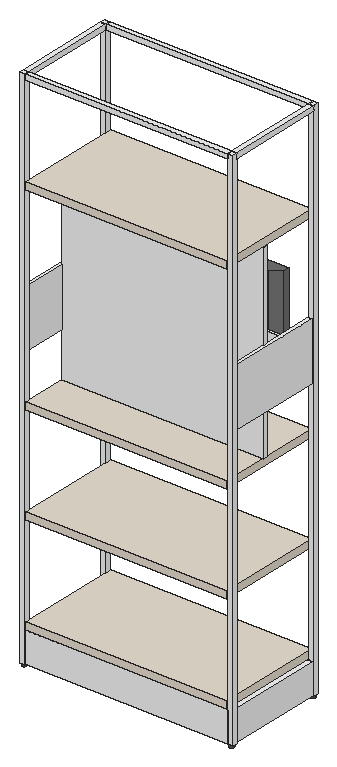
Revit family "okamura_ML1HHE_ライブス シェルフ_モニターユニット_ハイポジション用_木棚板_900W×450D×2236H", category 家具, Revit 2017
Family settings
  OmniClass 番号 = 23.40.20.00
  OmniClass タイトル = General Furniture and Specialties
  作業面に基づく = いいえ
  常に垂直 = はい
  ロード時にボイドで切り取り = いいえ
  共有 = いいえ
  部屋計算ポイント = いいえ
Parameters (values of type "MU03（プライズウッドライト/ネオホワイト）")
  製造元 = "株式会社オカムラ"
  製品名称 [instance] = "ライブス シェルフ"  # constant formula
  製品仕様 [instance] = "モニターユニット ハイポジション用 木棚板"  # constant formula
  製品コード/色仕様 = "ML1HHE"  # constant formula
  製品コード [instance] = "ML1HHE"  # constant formula
  製品カテゴリ = "クリエイティブファニチュア"  # constant formula
  色仕様名称 [instance] = "プライズウッドライト/ネオホワイト"
  色仕様コード [instance] = "MU03"
  支柱 = okm_ZA75
  天板 = okm_MX61
  導入日 [instance] = ""
  区分 = "シェルフ"  # constant formula
  共通仕様 = ""
  備考 = ""
  シリアルNo [instance] = ""
  キーノート = "12490"
  アセンブリ コード = "E2020200"
  W = 900.0 mm
  URL = "http://www.okamura.co.jp/"
  Product_URL = ""
  ID [instance] = ""
  H = 2236.0 mm
  D = 450.0 mm
  Copyright [instance] = "©2020.04 okamura Corp."  # constant formula
Types (15, lengths in mm): name | 色仕様名称 | 色仕様コード | 支柱 | 天板
  (no name) | "プライズウッドライト/ネオホワイト" | "MU03" | okm_ZA75 | okm_MX61
  MDY7（プライズウッドライト/ブラック） | "プライズウッドライト/ブラック" | "MDY7" | okm_Z25 | okm_MX61
  MDY8（プライズウッドミディアム/ブラック） | "プライズウッドミディアム/ブラック" | "MDY8" | okm_Z25 | okm_MX62
  MDY9（プライズウッドダーク/ブラック） | "プライズウッドダーク/ブラック" | "MDY9" | okm_Z25 | okm_MX63
  MU03（プライズウッドライト/ネオホワイト） | "プライズウッドライト/ネオホワイト" | "MU03" | okm_ZA75 | okm_MX61
  MU04（プライズウッドミディアム/ネオホワイト） | "プライズウッドミディアム/ネオホワイト" | "MU04" | okm_ZA75 | okm_MX62
  MU05（プライズウッドダーク/ネオホワイト） | "プライズウッドダーク/ネオホワイト" | "MU05" | okm_ZA75 | okm_MX63
  MGM4（ビンテージエルム/ネオホワイト） | "ビンテージエルム/ネオホワイト" | "MGM4" | okm_ZA75 | okm_MEP4
  MGM1（チョークドエルム/ネオホワイト） | "チョークドエルム/ネオホワイト" | "MGM1" | okm_ZA75 | okm_MEP1
  MGM2（ソーンオーク/ネオホワイト） | "ソーンオーク/ネオホワイト" | "MGM2" | okm_ZA75 | okm_MEP2
  MGM3（ラスティックパイン/ネオホワイト） | "ラスティックパイン/ネオホワイト" | "MGM3" | okm_ZA75 | okm_MEP3
  MGL4（ビンテージエルム/ブラック） | "ビンテージエルム/ブラック" | "MGL4" | okm_Z25 | okm_MEP4
  MGL1（チョークドエルム/ブラック） | "チョークドエルム/ブラック" | "MGL1" | okm_Z25 | okm_MEP1
  MGL2（ソーンオーク/ブラック） | "ソーンオーク/ブラック" | "MGL2" | okm_Z25 | okm_MEP2
  MGL3（ラスティックパイン/ブラック） | "ラスティックパイン/ブラック" | "MGL3" | okm_Z25 | okm_MEP3
Reference planes
  plane 1 "中心(正面/背面)": y = -100
  plane 2: z = 0
  plane 3 "中心(左/右)": x = -150
  plane 4 "左": x = -600
  plane 5 "右": x = 300
  plane 6 "背面": y = 125
  plane 7 "正面": y = -325
  plane 8 "上": z = 2236
  plane 9: z = 2215
Forms (mm)
  Extrusion 1, solid, material "okm_ZA75" <- "支柱"
    sketch origin (0, 1.25, 0) x (1, 0, 0) y (0, 1, 0)
      loop
        line (276.5, -302.75) -> (276.5, -323.75) -> (297.5, -323.75) -> (297.5, -302.75) -> (276.5, -302.75)
      loop
        line (276.5, 123.75) -> (276.5, 102.75) -> (297.5, 102.75) -> (297.5, 123.75) -> (276.5, 123.75)
      loop
        line (-576.5, -302.75) -> (-597.5, -302.75) -> (-597.5, -323.75) -> (-576.5, -323.75) -> (-576.5, -302.75)
      loop
        line (-576.5, 123.75) -> (-597.5, 123.75) -> (-597.5, 102.75) -> (-576.5, 102.75) -> (-576.5, 123.75)
    from 10 to 2236
  Extrusion 2, solid, material "okm_MX61" <- "天板"
    sketch origin (0, 1.25, -189.472) x (1, 0, 0) y (0, 1, 0)
      loop
        line (-574.5, 123.75) -> (-574.5, -323.75) -> (274.5, -323.75) -> (274.5, 123.75) -> (-574.5, 123.75)
    from 329.472 to 359.472
  Extrusion 3, solid, material "okm_ZA75" <- "支柱"
    sketch origin (0, 1.25, 0) x (1, 0, 0) y (0, 1, 0)
      loop
        line (-597.5, 102.75) -> (-597.5, -302.75) -> (-576.5, -302.75) -> (-576.5, 102.75) -> (-597.5, 102.75)
      loop
        line (297.5, 102.75) -> (276.5, 102.75) -> (276.5, -302.75) -> (297.5, -302.75) -> (297.5, 102.75)
    from 2236 to 2215
  Extrusion 4, solid, material "okm_ZA75" <- "支柱"
    sketch origin (0, 1.25, 460) x (0, -1, 0) y (1, 0, 0)
      loop
        line (-102.75, -574.5) -> (-102.75, -595.5) -> (302.75, -595.5) -> (302.75, -574.5) -> (-102.75, -574.5)
      loop
        line (-102.75, 295.5) -> (-102.75, 274.5) -> (302.75, 274.5) -> (302.75, 295.5) -> (-102.75, 295.5)
    from -320 to -450
  Extrusion 5, solid, material "okm_ZA75" <- "支柱"
    sketch origin (-200, -198.75, 460) x (-1, 0, 0) y (0, -1, 0)
      loop
        line (376.5, -300.75) -> (-476.5, -300.75) -> (-476.5, -321.75) -> (376.5, -321.75) -> (376.5, -300.75)
      loop
        line (376.5, 121.75) -> (-476.5, 121.75) -> (-476.5, 100.75) -> (376.5, 100.75) -> (376.5, 121.75)
    from -320 to -450
  Extrusion 6, solid, material "okm_G155"
    sketch origin (0, 1.25, 0) x (1, 0, 0) y (0, 1, 0)
      loop
        circle (-587, 113.25) r 10
      loop
        circle (-587, -313.25) r 10
      loop
        circle (287, 113.25) r 10
      loop
        circle (287, -313.25) r 10
    from 0 to 10
  Extrusion 7, solid, material "okm_ZA75" <- "支柱"
    sketch origin (-100, 101.25, 0) x (0, 1, 0) y (-1, 0, 0)
      loop
        line (-402.75, -376.5) -> (-402.75, 476.5) -> (-423.75, 476.5) -> (-423.75, -376.5) -> (-402.75, -376.5)
      loop
        line (23.75, -376.5) -> (23.75, 476.5) -> (2.75, 476.5) -> (2.75, -376.5) -> (23.75, -376.5)
    from 2236 to 2215
  Extrusion 8, solid, material "okm_MX61" <- "天板"
    sketch origin (0, 1.25, 2431.451) x (1, 0, 0) y (0, 1, 0)
      loop
        line (-574.5, 123.75) -> (-574.5, -323.75) -> (274.5, -323.75) -> (274.5, 123.75) -> (-574.5, 123.75)
    from -631.451 to -601.451
  Extrusion 9, solid, material "okm_ZA75" <- "支柱"
    sketch origin (0, -100, 0) x (1, 0, 0) y (0, 0, 1)
      loop
        line (-588.5, 1431) -> (-588.5, 1186) -> (-576.5, 1186) -> (-576.5, 1431) -> (-588.5, 1431)
      loop
        line (276.5, 1431) -> (276.5, 1186) -> (288.5, 1186) -> (288.5, 1431) -> (276.5, 1431)
    from -204 to 201.5
  Extrusion 10, solid, material "okm_ZA75" <- "支柱"
    sketch origin (-150, 50, 0) x (0, 1, 0) y (0, 0, 1)
      loop
        line (-180.25, 1796) -> (-180.25, 1000) -> (-165.25, 1000) -> (-165.25, 1796) -> (-180.25, 1796)
      loop
        line (-102.75, 1428) -> (-102.75, 1388) -> (-86.75, 1388) -> (-86.75, 1428) -> (-102.75, 1428)
      loop
        line (-86.75, 1229) -> (-102.75, 1229) -> (-102.75, 1189) -> (-86.75, 1189) -> (-86.75, 1229)
    from -426.5 to 426.5
  Extrusion 11, solid, material "okm_MX61" <- "天板"
    sketch origin (0, 1.25, 969.472) x (0, -1, 0) y (1, 0, 0)
      loop
        line (-123.75, -574.5) -> (323.75, -574.5) -> (323.75, 274.5) -> (-123.75, 274.5) -> (-123.75, -574.5)
    from 0.528 to 30.528
  Extrusion 12, solid, material "okm_MX61" <- "天板"
    sketch origin (0, 1.25, 530.528) x (1, 0, 0) y (0, 1, 0)
      loop
        line (-574.5, 123.75) -> (-574.5, -323.75) -> (274.5, -323.75) -> (274.5, 123.75) -> (-574.5, 123.75)
    from 24.472 to 54.472
  Extrusion 13, solid, material "okm_black DK3"
    sketch origin (0, 0, 0) x (1, 0, 0) y (0, 1, 0)
      loop
        line (-521.9, 58.25) -> (-521.9, 43.25) -> (-482.8, 13.25) -> (182.8, 13.25) -> (221.9, 43.25) -> (221.9, 58.25) -> (-521.9, 58.25)
    from 1186 to 1614.1
  Extrusion 14, solid, material "okm_black DK3"
    sketch origin (-150, 0, 0) x (0, 1, 0) y (0, 0, 1)
      loop
        line (-36.75, 1498) -> (-36.75, 1209.9) -> (13.25, 1209.9) -> (13.25, 1528) -> (-36.75, 1498)
    from -156.6 to 166.6
  Extrusion 15, solid, material "okm_black DK3"
    sketch origin (0, -100, 0) x (1, 0, 0) y (0, 0, 1)
      loop
        line (-521.9, 1614.1) -> (-521.9, 1186) -> (221.9, 1186) -> (221.9, 1614.1) -> (-521.9, 1614.1)
      loop
        line (-503.6, 1599.1) -> (-503.6, 1200.8) -> (203.47, 1200.8) -> (203.47, 1599.1) -> (-503.6, 1599.1)
    from -168.25 to -158.25
  Extrusion 16, solid, material "okm_DYS"
    sketch origin (0, -100, 0) x (1, 0, 0) y (0, 0, 1)
      loop
        line (-503.6, 1599.1) -> (-503.6, 1200.8) -> (203.47, 1200.8) -> (203.47, 1599.1) -> (-503.6, 1599.1)
    from -158.25 to -163.25
Cuts and joins
  joined: Extrusion 13, Extrusion 14, Extrusion 15
Lines and regions (mm)
  Masking region 1
    outline origin (0, 0, 0) x (1, 0, 0) y (0, 1, 0)
      loop
        line (-600, 125) -> (-600, -325) -> (300, -325) -> (300, 125) -> (-600, 125)
  symbolic lines, style "okm_簡略", detail levels coarse
    curve 1: line (300, 125, 0) -> (-600, 125, 0)
    curve 2: line (-600, -325, 0) -> (300, -325, 0)
    curve 3: line (-600, 125, 0) -> (-600, -325, 0)
    curve 7: line (300, 125, 0) -> (300, -325, 0)
    curve 13: line (300, 104, 0) -> (-600, 104, 0)
    curve 14: line (-600, -304, 0) -> (300, -304, 0)
    curve 15: line (-579, 125, 0) -> (-579, -325, 0)
    curve 16: line (279, -325, 0) -> (279, 125, 0)
    curve 17: line (-579, -86.75, 0) -> (279, -86.75, 0)
    curve 18: line (279, -102.75, 0) -> (-579, -102.75, 0)
    curve 21: line (-579, -230.25, 0) -> (279, -230.25, 0)
    curve 22: line (279, -215.25, 0) -> (-579, -215.25, 0)
    curve 34: line (-521.9, -6.75, 0) -> (-482.8, -36.75, 0)
    curve 35: line (-482.8, -36.75, 0) -> (182.8, -36.75, 0)
    curve 36: line (182.8, -36.75, 0) -> (221.9, -6.75, 0)
    curve 37: line (221.9, -6.75, 0) -> (221.9, 18.25, 0)
    curve 38: line (221.9, 18.25, 0) -> (-521.9, 18.25, 0)
    curve 39: line (-521.9, 18.25, 0) -> (-521.9, -6.75, 0)
    curve 40: line (-306.6, -36.75, 0) -> (-306.6, -86.75, 0)
    curve 41: line (16.6, -86.75, 0) -> (16.6, -36.75, 0)
    curve 42: line (-521.9, -6.75, 0) -> (221.9, -6.75, 0)
  symbolic lines, style "okm_標準・詳細", detail levels medium+fine
    curve 4: line (-600, 125, 0) -> (300, 125, 0)
    curve 5: line (-600, -325, 0) -> (-600, 125, 0)
    curve 6: line (300, -325, 0) -> (-600, -325, 0)
    curve 8: line (300, -325, 0) -> (300, 125, 0)
    curve 9: line (300, 104, 0) -> (-600, 104, 0)
    curve 10: line (-579, 125, 0) -> (-579, -325, 0)
    curve 11: line (-600, -304, 0) -> (300, -304, 0)
    curve 12: line (279, -325, 0) -> (279, 125, 0)
    curve 19: line (279, -86.75, 0) -> (-579, -86.75, 0)
    curve 20: line (-579, -102.75, 0) -> (279, -102.75, 0)
    curve 23: line (279, -230.25, 0) -> (-579, -230.25, 0)
    curve 24: line (-579, -215.25, 0) -> (279, -215.25, 0)
    curve 25: line (-306.6, -36.75, 0) -> (-306.6, -86.75, 0)
    curve 26: line (16.6, -86.75, 0) -> (16.6, -36.75, 0)
    curve 27: line (-482.8, -36.75, 0) -> (182.8, -36.75, 0)
    curve 28: line (-521.9, -6.75, 0) -> (-482.8, -36.75, 0)
    curve 29: line (-521.9, 18.25, 0) -> (-521.9, -6.75, 0)
    curve 30: line (221.9, 18.25, 0) -> (-521.9, 18.25, 0)
    curve 31: line (221.9, -6.75, 0) -> (221.9, 18.25, 0)
    curve 32: line (182.8, -36.75, 0) -> (221.9, -6.75, 0)
    curve 33: line (221.9, -6.75, 0) -> (-521.9, -6.75, 0)
Dimensions and locks
  equal spacing: plane 4 "左", plane 3 "中心(左/右)", plane 5 "右"
  "W": plane 4 "左" to plane 5 "右"
  equal spacing: plane 7 "正面", plane 1 "中心(正面/背面)", plane 6 "背面"
  "D": plane 7 "正面" to plane 6 "背面"
  "H": plane 8 "上" to level
  locked: plane 8 "上" to plane 9 at 21
  aligned and locked: level to plane 2
  aligned and locked: Extrusion 7 to Extrusion 1  (x4)
  aligned and locked: Extrusion 9 to Extrusion 1  (x2)
  aligned and locked: Extrusion 2 to plane 6 "背面"
Automatic sketch dimensions
  plane 1 "中心(正面/背面)" to Extrusion 10 sketch curve = 30.25 mm
  Extrusion 10 sketch curve to Extrusion 10 sketch curve = 15.0 mm
  Extrusion 10 sketch curve to plane 1 "中心(正面/背面)" = 47.25 mm  (x2)
  Extrusion 10 sketch curve to plane 1 "中心(正面/背面)" = 63.25 mm  (x2)
  level to Extrusion 10 sketch curve = 1000.0 mm
  Extrusion 10 sketch curve to Extrusion 10 sketch curve = 189.0 mm
  Extrusion 10 sketch curve to Extrusion 10 sketch curve = 40.0 mm  (x2)
  Extrusion 10 sketch curve to Extrusion 10 sketch curve = 159.0 mm
  Extrusion 10 sketch curve to Extrusion 10 sketch curve = 368.0 mm
  Extrusion 14 sketch curve to plane 1 "中心(正面/背面)" = 63.25 mm
  Extrusion 14 sketch curve to plane 9 = 717.0 mm
  Extrusion 14 sketch curve to Extrusion 14 sketch curve = 288.1 mm
  Extrusion 14 sketch curve to Extrusion 14 sketch curve = 30.0 mm
  Extrusion 14 sketch curve to Extrusion 14 sketch curve = 50.0 mm
  Masking region 1 sketch curve to plane 4 "左" = 0.0 mm
  Masking region 1 sketch curve to plane 5 "右" = 0.0 mm
  plane 7 "正面" to Masking region 1 sketch curve = 0.0 mm
  plane 6 "背面" to Masking region 1 sketch curve = 0.0 mm
  plane 6 "背面" to Extrusion 1 sketch curve = 0.0 mm  (x2)
  plane 4 "左" to Extrusion 1 sketch curve = 2.5 mm  (x2)
  Extrusion 1 sketch curve to Extrusion 1 sketch curve = 21.0 mm  (x4)
  Extrusion 1 sketch curve to plane 7 "正面" = 2.5 mm  (x2)
  Extrusion 1 sketch curve to plane 5 "右" = 23.5 mm  (x2)
  Extrusion 1 sketch curve to plane 5 "右" = 2.5 mm  (x2)
  plane 6 "背面" to Extrusion 1 sketch curve = 21.0 mm  (x2)
  plane 6 "背面" to Extrusion 2 sketch curve = 0.0 mm
  Extrusion 2 sketch curve to plane 7 "正面" = 2.5 mm
  plane 4 "左" to Extrusion 2 sketch curve = 25.5 mm
  Extrusion 2 sketch curve to plane 5 "右" = 25.5 mm
  plane 4 "左" to Extrusion 3 sketch curve = 2.5 mm
  Extrusion 3 sketch curve to Extrusion 3 sketch curve = 21.0 mm
  Extrusion 3 sketch curve to plane 5 "右" = 23.5 mm
  Extrusion 3 sketch curve to plane 5 "右" = 2.5 mm
  Extrusion 3 sketch curve to plane 7 "正面" = 23.5 mm  (x2)
  plane 6 "背面" to Extrusion 3 sketch curve = 21.0 mm  (x2)
  plane 6 "背面" to Extrusion 4 sketch curve = 21.0 mm  (x2)
  Extrusion 4 sketch curve to plane 7 "正面" = 23.5 mm  (x2)
  Extrusion 4 sketch curve to plane 5 "右" = 4.5 mm
  Extrusion 4 sketch curve to Extrusion 4 sketch curve = 21.0 mm
  plane 4 "左" to Extrusion 4 sketch curve = 25.5 mm
  plane 4 "左" to Extrusion 4 sketch curve = 4.5 mm
  Extrusion 5 sketch curve to plane 5 "右" = 23.5 mm  (x2)
  plane 4 "左" to Extrusion 5 sketch curve = 23.5 mm  (x2)
  plane 6 "背面" to Extrusion 5 sketch curve = 2.0 mm
  Extrusion 5 sketch curve to Extrusion 5 sketch curve = 21.0 mm
  Extrusion 5 sketch curve to plane 7 "正面" = 25.5 mm
  Extrusion 5 sketch curve to plane 7 "正面" = 4.5 mm
  plane 4 "左" to Extrusion 6 sketch curve = 13.0 mm  (x2)
  Extrusion 6 sketch curve to plane 5 "右" = 13.0 mm  (x2)
  Extrusion 6 sketch curve to plane 7 "正面" = 13.0 mm  (x2)
  plane 6 "背面" to Extrusion 6 sketch curve = 10.5 mm  (x2)
  plane 6 "背面" to Extrusion 7 sketch curve = 0.0 mm
  Extrusion 7 sketch curve to plane 6 "背面" = 21.0 mm
  plane 7 "正面" to Extrusion 7 sketch curve = 23.5 mm
  plane 7 "正面" to Extrusion 7 sketch curve = 2.5 mm
  Extrusion 7 sketch curve to plane 4 "左" = 23.5 mm  (x2)
  plane 5 "右" to Extrusion 7 sketch curve = 23.5 mm  (x2)
  plane 6 "背面" to Extrusion 8 sketch curve = 0.0 mm
  Extrusion 8 sketch curve to plane 7 "正面" = 2.5 mm
  plane 4 "左" to Extrusion 8 sketch curve = 25.5 mm
  Extrusion 8 sketch curve to plane 5 "右" = 25.5 mm
  plane 4 "左" to Extrusion 9 sketch curve = 11.5 mm
  Extrusion 9 sketch curve to Extrusion 9 sketch curve = 12.0 mm
  Extrusion 9 sketch curve to plane 5 "右" = 23.5 mm
  Extrusion 9 sketch curve to plane 5 "右" = 11.5 mm
  Extrusion 9 sketch curve to plane 9 = 1029.0 mm
  Extrusion 9 sketch curve to Extrusion 9 sketch curve = 0.0 mm
  Extrusion 9 sketch curve to Extrusion 9 sketch curve = 245.0 mm  (x2)
  plane 6 "背面" to Extrusion 11 sketch curve = 0.0 mm
  Extrusion 11 sketch curve to plane 7 "正面" = 2.5 mm
  plane 4 "左" to Extrusion 11 sketch curve = 25.5 mm
  Extrusion 11 sketch curve to plane 5 "右" = 25.5 mm
  plane 6 "背面" to Extrusion 12 sketch curve = 0.0 mm
  Extrusion 12 sketch curve to plane 7 "正面" = 2.5 mm
  plane 4 "左" to Extrusion 12 sketch curve = 25.5 mm
  Extrusion 12 sketch curve to plane 5 "右" = 25.5 mm
  plane 4 "左" to Extrusion 15 sketch curve = 78.1 mm
  Extrusion 15 sketch curve to Extrusion 15 sketch curve = 18.3 mm
  Extrusion 15 sketch curve to plane 5 "右" = 96.53 mm
  Extrusion 15 sketch curve to Extrusion 15 sketch curve = 18.43 mm
  Extrusion 15 sketch curve to plane 9 = 1029.0 mm
  Extrusion 15 sketch curve to Extrusion 15 sketch curve = 14.8 mm
  Extrusion 15 sketch curve to Extrusion 15 sketch curve = 398.3 mm
  Extrusion 15 sketch curve to Extrusion 15 sketch curve = 15.0 mm
  plane 4 "左" to Extrusion 16 sketch curve = 96.4 mm
  Extrusion 16 sketch curve to plane 5 "右" = 96.53 mm
  Extrusion 16 sketch curve to plane 9 = 1014.2 mm
  Extrusion 16 sketch curve to Extrusion 16 sketch curve = 398.3 mm
  curve 11 to plane 4 "左" = 0.0 mm
  plane 6 "背面" to curve 15 = 0.0 mm
  plane 7 "正面" to curve 15 = 0.0 mm
  curve 14 to plane 5 "右" = 0.0 mm
  plane 4 "左" to curve 30 = 78.1 mm
  curve 28 to curve 28 = 39.1 mm
  curve 36 to plane 5 "右" = 117.2 mm
  curve 27 to curve 31 = 39.1 mm
  curve 27 to plane 1 "中心(正面/背面)" = 63.25 mm
  curve 27 to curve 37 = 30.0 mm
  curve 28 to curve 30 = 25.0 mm
  plane 4 "左" to curve 15 = 21.0 mm
  plane 4 "左" to curve 21 = 21.0 mm
  curve 25 to plane 1 "中心(正面/背面)" = 13.25 mm
  curve 25 to plane 3 "中心(左/右)" = 156.6 mm
  curve 40 to curve 25 = 0.0 mm  (x2)
  curve 26 to plane 1 "中心(正面/背面)" = 13.25 mm
  plane 3 "中心(左/右)" to curve 26 = 166.6 mm
  curve 41 to curve 26 = 0.0 mm  (x2)
  curve 24 to plane 5 "右" = 21.0 mm
  curve 16 to curve 12 = 0.0 mm
  curve 11 to plane 7 "正面" = 21.0 mm
  curve 14 to curve 11 = 0.0 mm
  curve 11 to curve 21 = 73.75 mm
  curve 23 to curve 21 = 0.0 mm
  curve 21 to curve 24 = 15.0 mm
  curve 22 to curve 24 = 0.0 mm
  plane 1 "中心(正面/背面)" to curve 18 = 2.75 mm
  curve 20 to curve 18 = 0.0 mm
  curve 17 to plane 1 "中心(正面/背面)" = 13.25 mm
  curve 19 to curve 17 = 0.0 mm
  curve 13 to curve 1 = 21.0 mm
  curve 9 to curve 13 = 0.0 mm
  plane 4 "左" to Extrusion 13 sketch curve = 78.1 mm
  Extrusion 13 sketch curve to Extrusion 13 sketch curve = 39.1 mm  (x2)
  Extrusion 13 sketch curve to plane 5 "右" = 117.2 mm
  plane 6 "背面" to Extrusion 13 sketch curve = 111.75 mm
  Extrusion 13 sketch curve to Extrusion 13 sketch curve = 30.0 mm  (x2)
  Extrusion 13 sketch curve to Extrusion 13 sketch curve = 15.0 mm
  radius of Extrusion 6 sketch curve = 10.0 mm  (x4)
